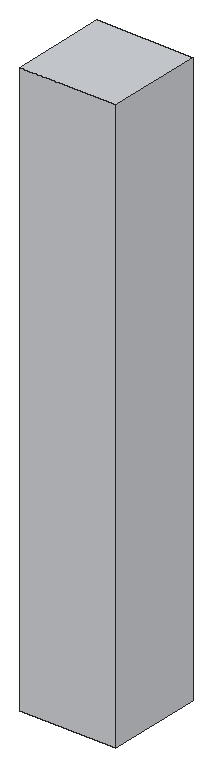
Revit family "Rectangular Column", category 기둥, Revit 2026
Family settings
  로드될 때 보이드를 사용하여 절단 = 아니오
  자동으로 형상을 벽에 결합합니다 = 예
  공유 = 아니오
  평면도에서 미리 절단된 패밀리 표시 = 예
Parameters (values of type "18" x 18"")
  조합 코드 = "B1010200"
  Depth = 1' - 6"
  Material = none
  Offset Base = 0' - 0"
  Offset Top = 0' - 0"
  Width = 1' - 6"
Types (3): name | Depth | Width
  24" x 24" | 2' - 0" | 2' - 0"
  18" x 24" | 1' - 6" | 2' - 0"
  18" x 18" | 1' - 6" | 1' - 6"
Reference planes (in)
  plane 1: y = 0
  plane 2: z = 0
  plane 3: x = 0
  plane 4: z = 108
  plane 5: z = 0
Forms (in)
  Extrusion 1, solid, material <- "Material"
    sketch origin (0, 0, 0) x (1, 0, 0) y (0, 1, 0)
      loop
        line (-9, 9) -> (-9, -9) -> (9, -9) -> (9, 9) -> (-9, 9)
    from 0 to 108
Lines and regions (in)
  symbolic lines, style "InvisibleLines"
    curve 1: line (-9, 9, 0) -> (9, 9, 0)
    curve 2: line (-9, -9, 0) -> (-9, 9, 0)
    curve 3: line (9, -9, 0) -> (-9, -9, 0)
    curve 4: line (9, 9, 0) -> (9, -9, 0)
Dimensions and locks (in)
  "Offset Base": plane 5 to level
  "Offset Top": level to plane 4
  "Width": curve 2 to curve 4
  "Depth": curve 1 to curve 3
  equal spacing: curve 3, plane 1, curve 1
  equal spacing: curve 2, plane 3, curve 4
  aligned and locked: Extrusion 1 to plane 5
  aligned and locked: plane 4 to Extrusion 1
  aligned and locked: Extrusion 1 sketch curve to curve 1  (x3)
  aligned and locked: Extrusion 1 sketch curve to curve 2
